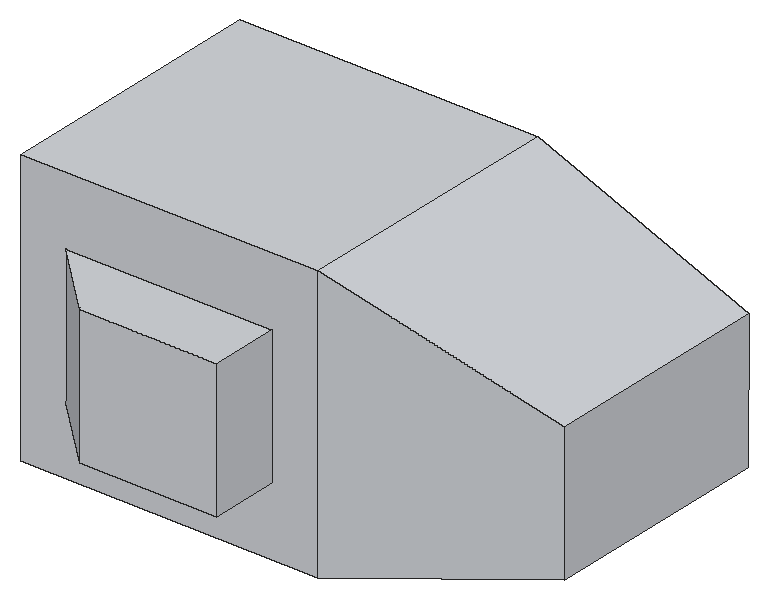
Revit family "M_Rectangular Tee with Transition - Beveled", category Duct Fittings, Revit 2014
Parameters (values of type "Standard")
  Shoulder Length [instance] = 50 mm
  Width 2 [instance] = if(Angle = 90.00°, Duct Width 3, (Duct Width 3 + (Duct Length 3) / tan(Angle)))  # 225 mm
  Height 2 [instance] = if(Angle 1 = 90.00°, Duct Height 3, (Duct Height 3 + (Duct Length 3) / tan(Angle 1) * 2))  # 150 mm
  Length 6 [instance] = Duct Length 1 + 25 mm  # 350 mm
  Length 5 [instance] = (Width 2 - Duct Width 3) / 2  # 37.5 mm
  Length 4 [instance] = Width 1 + Shoulder Length * 2  # 325 mm
  Length 3 [instance] = Base Width + Shoulder Length * 2  # 325 mm
  Length 2 [instance] = (Base Width - Duct Width 3) / 2  # 37.5 mm
  Length 1 [instance] = Duct Width 3 / 2 + Shoulder Length  # 125 mm
  Width 1 [instance] = if(Angle = 90.00°, Duct Width 3, (Duct Width 3 + Duct Length 3 / tan(Angle)))  # 225 mm
  Height 1 [instance] = if(Angle 1 = 90.00°, Duct Height 3, (Duct Height 3 + Duct Length 3 / tan(Angle 1) * 2))  # 150 mm
  Duct Width 3 [instance] = 150 mm
  Duct Width 2 [instance] = 250 mm
  Duct Width 1 [instance] = 300 mm
  Duct Length 2 [instance] = Duct Width 2  # 250 mm
  Duct Length 3 [instance] = if(Duct Width 3 * 0.25 < 75 mm, 75 mm, Duct Width 3 * 0.25)  # 75 mm
  Duct Length 1 [instance] = if(Length 4 > Length 3, Length 4, Length 3)  # 325 mm
  Duct Height 3 [instance] = 150 mm
  Duct Height 2 [instance] = 150 mm
  Duct Height 1 [instance] = 300 mm
  Base Width [instance] = if(Angle = 90.00°, Duct Width 3, (Duct Width 3 + Duct Length 3 / tan(Angle)))  # 225 mm
  Base Height [instance] = if(Angle 1 = 90.00°, Duct Height 3, (Duct Height 3 + Duct Length 3 / tan(Angle 1) * 2))  # 150 mm
  Assembly Code = ""
  Angle 1 = 90.00°
  Angle = 45.00°
Reference planes
  plane 1 "Center (Front/Back)": y = 0
  plane 2: z = 0
  plane 3 "Center (Left/Right)": x = 0
  plane 4: x = -200
  plane 5: x = 125
  plane 6: x = 375
  plane 7: y = -225
  plane 8: y = -150
  plane 9: x = -37.5
  plane 10: y = 150
  plane 11: y = -152.4
  plane 12: x = -225
  plane 13: x = -37.5
  plane 14: y = 152.4
Forms (mm)
  Sweep 1, solid, detail levels medium+fine
    path in 3D
      loop
        line (-200, 0, 0) -> (125, 0, 0)
    profile origin (-37.5, 0, 0) x (0, 1, 0) y (0, 0, 1)
      loop
        line (-150, 150) -> (-150, -150) -> (150, -150) -> (150, 150) -> (-150, 150)
  Blend 2, solid, detail levels medium+fine
    base sketch origin (0, 0, 0) x (0, 1, 0) y (0, 0, 1)
      loop
        line (150, 150) -> (-150, 150) -> (-150, -150) -> (150, -150) -> (150, 150)
    top sketch origin (0, 0, 0) x (0, 1, 0) y (0, 0, 1)
      loop
        line (125, 75) -> (-125, 75) -> (-125, -75) -> (125, -75) -> (125, 75)
    from 125 to 375
  Blend 3, solid, detail levels medium+fine
    base sketch origin (0, 0, 0) x (1, 0, 0) y (0, 0, 1)
      loop
        line (-150, 75) -> (-150, -75) -> (75, -75) -> (75, 75) -> (-150, 75)
    top sketch origin (0, 0, 0) x (1, 0, 0) y (0, 0, 1)
      loop
        line (-75, 75) -> (-75, -75) -> (75, -75) -> (75, 75) -> (-75, 75)
    from 150 to 225
  Sweep 4, void
    path origin (0, 0, 0) x (1, 0, 0) y (0, 1, 0)
      loop
        line (-225, 0) -> (-200, 0)
    profile origin (-212.5, 0, 0) x (0, 1, 0) y (0, 0, 1)
      loop
        line (150, 150) -> (-150, 150) -> (-150, -150) -> (150, -150) -> (150, 150)
Cuts and joins
  Sweep 4 cuts Sweep 1
  Sweep 4 cuts Blend 2
  Sweep 4 cuts Blend 3
  joined: Sweep 1, Blend 2, Blend 3
Lines and regions (mm)
  model lines, detail levels coarse
    curve 1: line (-200, 0, 0) -> (125, 0, 0)
    curve 3: line (125, 0, 0) -> (375, 0, 0)
    curve 4: line (0, 0, 0) -> (0, -225, 0)
  sketch lines
    curve 2: line (-200, 0, 0) -> (125, 0, 0)
Dimensions and locks
  "Duct Length 1": plane 4 to plane 5
  "Length 1": plane 3 "Center (Left/Right)" to plane 5
  "Duct Length 2": plane 5 to plane 6
  equal spacing: Sweep 1 sketch curve, profile plane, Sweep 1 sketch curve  (x2)
  "Duct Width 1": Sweep 1 sketch curve to Sweep 1 sketch curve
  "Duct Height 1": Sweep 1 sketch curve to Sweep 1 sketch curve
  equal spacing: Blend 2 sketch curve, plane 1 "Center (Front/Back)", Blend 2 sketch curve  (x2)
  "Duct Width 1": Blend 2 sketch curve to Blend 2 sketch curve
  equal spacing: Blend 2 sketch curve, plane 2, Blend 2 sketch curve  (x2)
  "Duct Height 1": Blend 2 sketch curve to Blend 2 sketch curve
  "Duct Width 2": Blend 2 sketch curve to Blend 2 sketch curve
  "Duct Height 2": Blend 2 sketch curve to Blend 2 sketch curve
  equal spacing: Blend 3 sketch curve, plane 2, Blend 3 sketch curve  (x2)
  "Base Height": Blend 3 sketch curve to Blend 3 sketch curve
  equal spacing: Blend 3 sketch curve, plane 3 "Center (Left/Right)", Blend 3 sketch curve
  "Duct Width 3": Blend 3 sketch curve to Blend 3 sketch curve
  "Duct Height 3": Blend 3 sketch curve to Blend 3 sketch curve
  "Duct Length 3": plane 8 to plane 7
  equal spacing: Blend 3 sketch curve, plane 9, Blend 3 sketch curve
  "Base Width": Blend 3 sketch curve to Blend 3 sketch curve
  "Length 2": plane 9 to plane 3 "Center (Left/Right)"
  equal spacing: plane 10, plane 1 "Center (Front/Back)", plane 8
  "Duct Width 1": plane 10 to plane 8
  equal spacing: Sweep 4 sketch curve, profile plane, Sweep 4 sketch curve  (x2)
  equal spacing: plane 14, plane 1 "Center (Front/Back)", plane 11
  "Length 5": plane 13 to plane 3 "Center (Left/Right)"
  "Length 6": plane 12 to plane 5
  "Duct Height 1": Sweep 4 sketch curve to Sweep 4 sketch curve
  "Duct Width 1": Sweep 4 sketch curve to Sweep 4 sketch curve
  aligned and locked: plane 1 "Center (Front/Back)" to curve 1
  aligned and locked: plane 4 to curve 1
  aligned and locked: plane 5 to curve 1
  aligned and locked: plane 6 to curve 3
  aligned and locked: plane 6 to Blend 2
  aligned and locked: Blend 2 to plane 5
  aligned and locked: plane 8 to Blend 3
  aligned and locked: Blend 3 to plane 7
  aligned and locked: curve 4 to plane 3 "Center (Left/Right)"
  aligned and locked: plane 1 "Center (Front/Back)" to curve 4
  aligned and locked: plane 7 to curve 4
  aligned and locked: plane 1 "Center (Front/Back)" to Sweep 4 sketch curve
  aligned and locked: plane 12 to Sweep 4 sketch curve
  aligned and locked: plane 4 to Sweep 4 sketch curve
Connectors
  hvac at (-200, 0, 0), driven by "Duct Height 1", driven by "Duct Width 1"
    settings: on cut or joined group of Sweep 1, Blend 2, Blend 3, Sweep 4, index 1, duct flow 0.0 L/s, flow factor 0, pres drop 0.0 Pa, loss coef 0, conn angle 0.00°, conn width 300 mm, conn height 300 mm, conn diameter 609.6 mm, duct sys type 28, conn prof type 1, flow config 0, flow direction 0, loss method 0, conn ref index 2, conn util no, is conn primary yes, conn desc ""
  hvac at (375, 0, 0), driven by "Duct Height 2", driven by "Duct Width 2"
    settings: on cut or joined group of Sweep 1, Blend 2, Blend 3, Sweep 4, index 2, duct flow 0.0 L/s, flow factor 0, pres drop 0.0 Pa, loss coef 0, conn angle 0.00°, conn width 250 mm, conn height 150 mm, conn diameter 609.6 mm, duct sys type 28, conn prof type 1, flow config 0, flow direction 0, loss method 0, conn ref index 1, conn util no, is conn primary no, conn desc ""
  hvac at (0, -225, 0), driven by "Duct Height 3", driven by "Duct Width 3"
    settings: on cut or joined group of Sweep 1, Blend 2, Blend 3, Sweep 4, index 3, duct flow 0.0 L/s, flow factor 0, pres drop 0.0 Pa, loss coef 0, conn angle 0.00°, conn width 150 mm, conn height 150 mm, conn diameter 609.6 mm, duct sys type 28, conn prof type 1, flow config 0, flow direction 0, loss method 0, conn ref index -1, conn util no, is conn primary no, conn desc ""
